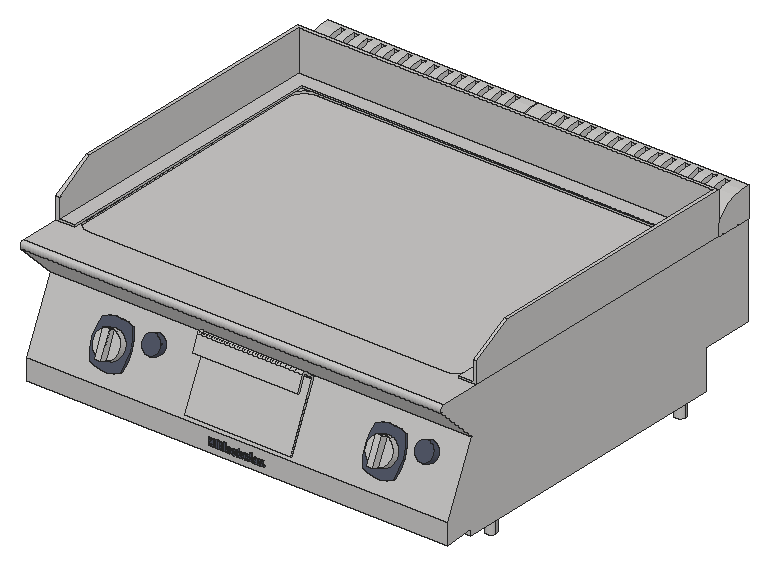
Revit family "QF_ELECTROLUXPROFESSIONAL_371041_E7FTGHCP00", category Specialty Equipment, Revit 2018
Family settings
  Round Connector Dimension = Use Diameter
  Part Type = Normal
  Work Plane-Based = No
  Always vertical = Yes
  Cut with Voids When Loaded = No
  Shared = No
  Room Calculation Point = No
Parameters
  Width = 800.1 mm  # constant formula
  Weight in Pounds = 154  # constant formula
  Watts = 0 W
  URL Cutsheet = "www.electrolux.com/foodservice"
  URL = "www.electrolux.com/foodservice"
  Type Mark [instance] = ""
  Status [instance] = ""
  Specification by User [instance] = ""
  Specification by Manufacturer = ""
  Show Logo [instance] = yes
  Show Clearance [instance] = yes
  Serial Number = ""
  Seismic Rating = ""
  SMACNA No = ""
  Revision Code [instance] = ""
  Omniclass Number and Title = ""
  NAFEM Spec ID Number = ""
  Model = "371041"
  Mechanical Remarks = ""
  Mechanical Connection Type = ""
  Masterspec = ""
  Manufacturer = "ELECTROLUX"
  Item Number [instance] = ""
  Installed By [instance] = ""
  Identify Quantity as Lot [instance] = yes
  Height = 355 mm  # constant formula
  HP = "0 HP"
  Gas Size = 12.7 mm  # 1/2"
  Gas RI Height [instance] = 0 mm
  Gas KW = 14  # constant formula
  Gas Input [instance] = 13987.1 VA  # 47726.0 Btu/h
  Gas Connection Height = 0 mm
  Furnished By [instance] = ""
  Foodservice Equipment Identifier [instance] = yes
  Direct Waste Size = 0"
  Description = "700XP Full Module Gas Fry Top, 2/3 Smooth - 1/3 Ribbed Plate, Chromium Plated"
  Depth = 730.25 mm  # constant formula
  CSI MasterFormat = ""
  CSI Master Format = ""
  Base Height [instance] = 23.813 mm  # constant formula
  Assembly Code = ""
Reference planes
  plane 1 "BACK": y = 0
  plane 2: z = 0
  plane 3 "LEFT": x = 0
  plane 4 "RIGHT": x = 800.1
  plane 5 "FRONT": y = -730.25
  plane 6 "TOP": z = 288.925
  plane 7 "Center Y": x = 400.05
  plane 8 "Center X": y = -365.125
  plane 9 "BASE": z = 23.813
  plane 10 "TOP A": z = 274.638
  plane 11: y = -597.884
  plane 12: y = -147.637
  plane 13: z = 355
Forms (mm)
  Extrusion 1, solid, material "QF_Finishes_Stainless Steel"
    sketch origin (0, 0, 0) x (0, 1, 0) y (0, 0, 1)
      loop
        line (0, 274.638) -> (-722.949, 274.638)
        arc (-722.949, 274.638) -> (-729.707, 270.122) -> (-728.121, 262.152) r 7.314
        line (-728.121, 262.152) -> (-657.416, 191.447) -> (-713.772, 69.003) -> (-713.772, 30.903) -> (-660.4, 36.513) -> (-660.4, 23.812) -> (-101.6, 23.812) -> (-101.6, 98.425) -> (0, 98.425) -> (0, 274.638)
    from 0 to 800.1
  Extrusion 2, void
    sketch origin (0, -2.381, 274.638) x (-1, 0, 0) y (0, -1, 0)
      loop
        arc (-60.425, 102.504) -> (-42.464, 109.943) -> (-35.025, 127.904) r 25.4
        line (-35.025, 127.904) -> (-35.025, 617.104)
        arc (-35.025, 617.104) -> (-42.464, 635.064) -> (-60.425, 642.504) r 25.4
        line (-60.425, 642.504) -> (-739.675, 642.504)
        arc (-739.675, 642.504) -> (-757.636, 635.064) -> (-765.075, 617.104) r 25.4
        line (-765.075, 617.104) -> (-765.075, 127.904)
        arc (-765.075, 127.904) -> (-757.636, 109.943) -> (-739.675, 102.504) r 25.4
        line (-739.675, 102.504) -> (-60.425, 102.504)
    from 0 to -3.2
  Extrusion 3, solid, material "QF_Finishes_Stainless Steel"
    sketch origin (0, 0, 0) x (1, 0, 0) y (0, 1, 0)
      loop
        circle (11.112, -147.638) r 9.525
      loop
        circle (11.112, -597.884) r 9.525
      loop
        circle (788.987, -147.638) r 9.525
      loop
        circle (788.987, -597.884) r 9.525
    from 0 to 23.813
  Extrusion 4, solid, material "QF_Finishes_Stainless Steel"
    sketch origin (0, -101.6, 101.6) x (0, 0, -1) y (-1, 0, 0)
      loop
        circle (43.882, -749.3) r 6.35
    from 0 to 3.175
  Extrusion 5, solid, material "QF_Finishes_Clearance", visible <- "Show Clearance", detail levels coarse
    sketch origin (0, 0, 0) x (1, 0, 0) y (0, 1, 0)
      loop
        line (0, -730.25) -> (0, 0) -> (800.1, 0) -> (800.1, -730.25) -> (950.119, -730.25) -> (950.119, 150.019) -> (-150.019, 150.019) -> (-150.019, -730.25) -> (0, -730.25)
    from 0 to 355
  Sweep 6, solid, material "QF_Finishes_Stainless Steel"
    path origin (0, -2.381, 274.638) x (-1, 0, 0) y (0, -1, 0)
      loop
        line (-765.075, 642.504) -> (-765.075, 102.504) -> (-35.025, 102.504) -> (-35.025, 642.504)
    profile origin (35.025, -374.885, 274.638) x (1, 0, 0) y (0, 0, 1)
      loop
        line (-35.025, 0) -> (0, 0) -> (0, 3.175) -> (-28.675, 3.175) -> (-28.675, 80.363) -> (-35.025, 80.362) -> (-35.025, 0)
  Extrusion 7, void
    sketch origin (0, -69.86, 274.638) x (0, 1, 0) y (0, 0, 1)
      loop
        line (-575.025, 40.481) -> (-501.995, 80.363) -> (-575.025, 80.363) -> (-575.025, 40.481)
    from 0 to 6.35
  Extrusion 8, void
    sketch origin (800.1, -644.885, 274.638) x (0, -1, 0) y (0, 0, 1)
      loop
        line (0, 40.481) -> (0, 80.362) -> (-73.03, 80.362) -> (0, 40.481)
    from 0 to 6.35
  Extrusion 9, solid, material "QF_Finishes_Stainless Steel"
    sketch origin (400.05, 175.397, 1219.2) x (0, 1, 0) y (0, 0, 1)
      loop
        line (-834.228, -1030.828) -> (-850.635, -1014.422)
        arc (-850.635, -1014.422) -> (-855.102, -1013.019) -> (-858.806, -1015.884) r 5.058
        line (-858.806, -1015.884) -> (-871.468, -1043.394) -> (-868.584, -1044.721) -> (-855.922, -1017.211)
        arc (-855.922, -1017.211) -> (-854.543, -1016.145) -> (-852.88, -1016.667) r 1.883
        line (-852.88, -1016.667) -> (-838.037, -1031.51) -> (-888.871, -1141.955) -> (-885.987, -1143.282) -> (-834.228, -1030.828)
    from 100 to -100
  Extrusion 10, solid, material "QF_Finishes_Drawer Clearance", visible <- "Show Clearance", detail levels coarse
    sketch origin (293.7, -101.6, 0) x (0, 1, 0) y (0, 0, 1)
      loop
        line (-660.751, 174.479) -> (-648.089, 201.989)
        arc (-648.089, 201.989) -> (-646.71, 203.055) -> (-645.046, 202.533) r 1.883
        line (-645.046, 202.533) -> (-630.204, 187.69) -> (-681.037, 77.245) -> (-678.153, 75.918) -> (-608.989, 75.918) -> (-557.231, 188.372) -> (-573.638, 204.778)
        arc (-573.638, 204.778) -> (-574.873, 205.685) -> (-576.323, 206.181) r 5.058
        line (-576.323, 206.181) -> (-647.269, 206.181)
        arc (-647.269, 206.181) -> (-649.472, 205.203) -> (-650.973, 203.316) r 5.058
        line (-650.973, 203.316) -> (-663.635, 175.806) -> (-660.751, 174.479)
    from 6.35 to 206.35
  Extrusion 11, solid, material "QF_Finishes_Navy Blue"
    sketch origin (-399.27, -713.772, 69.003) x (0, 0.418102, 0.9084) y (-1, 0, 0)
      loop
        arc (102.623, -510.47) -> (67.041, -502.846) -> (31.333, -509.853) r 90.5
        arc (31.333, -509.853) -> (24.507, -539.04) -> (31.333, -568.228) r 65.817
        arc (31.333, -568.228) -> (67.04, -575.188) -> (102.623, -567.615) r 91.066
        arc (102.623, -567.615) -> (109.179, -539.043) -> (102.623, -510.47) r 65.546
    from 0 to 3.175
  Extrusion 12, solid, material "QF_Finishes_Stainless Steel"
    sketch origin (-20.52, -717.485, 68.529) x (0, 0.418102, 0.9084) y (-1, 0, 0)
      loop
        circle (68.826, -160.963) r 25.4
    from 0 to 12.7
  Extrusion 13, solid, material "QF_Finishes_Stainless Steel"
    sketch origin (-20.52, -729.022, 73.839) x (0, 0.418102, 0.9084) y (-1, 0, 0)
      loop
        arc (93.558, -166.749) -> (94.226, -160.963) -> (93.558, -155.177) r 25.4
        line (93.558, -155.177) -> (44.094, -155.177)
        arc (44.094, -155.177) -> (43.426, -160.963) -> (44.094, -166.749) r 25.4
        line (44.094, -166.749) -> (93.558, -166.749)
    from 0 to 12.7
  Extrusion 14, solid, material "QF_Finishes_Navy Blue"
    sketch origin (97.744, -713.772, 69.003) x (0, 0.418102, 0.9084) y (-1, 0, 0)
      loop
        arc (102.623, -532.67) -> (67.041, -525.046) -> (31.333, -532.053) r 90.5
        arc (31.333, -532.053) -> (24.507, -561.24) -> (31.333, -590.428) r 65.817
        arc (31.333, -590.428) -> (67.04, -597.388) -> (102.623, -589.815) r 91.066
        arc (102.623, -589.815) -> (109.179, -561.243) -> (102.623, -532.67) r 65.546
    from 0 to 3.175
  Extrusion 15, solid, material "QF_Finishes_Stainless Steel"
    sketch origin (497.744, -717.485, 68.529) x (0, 0.418102, 0.9084) y (-1, 0, 0)
      loop
        circle (68.826, -160.963) r 25.4
    from 0 to 12.7
  Extrusion 16, solid, material "QF_Finishes_Stainless Steel"
    sketch origin (497.744, -729.022, 73.839) x (0, 0.418102, 0.9084) y (-1, 0, 0)
      loop
        arc (93.558, -166.749) -> (94.226, -160.963) -> (93.558, -155.177) r 25.4
        line (93.558, -155.177) -> (44.094, -155.177)
        arc (44.094, -155.177) -> (43.426, -160.963) -> (44.094, -166.749) r 25.4
        line (44.094, -166.749) -> (93.558, -166.749)
    from 0 to 12.7
  Extrusion 17, solid, material "QF_Finishes_Navy Blue"
    sketch origin (-100, -703.319, 91.713) x (0, 0.418102, 0.9084) y (-1, 0, 0)
      loop
        circle (65.471, -315.169) r 17.78
    from 0 to 12.7
  Extrusion 18, solid, material "QF_Finishes_Navy Blue"
    sketch origin (397.014, -703.319, 91.713) x (0, 0.418102, 0.9084) y (-1, 0, 0)
      loop
        circle (65.471, -337.369) r 17.78
    from 0 to 12.7
  Extrusion 19, solid, material "QF_Finishes_Navy Blue", visible <- "Show Logo"
    sketch origin (58.501, -713.772, 35.665) x (0, 0, 1) y (-1, 0, 0)
      loop
        line (20.674, -296.698) -> (8.307, -296.698)
        arc (8.307, -296.698) -> (14.491, -301.27) -> (20.674, -296.698) r 6.467
      loop
        arc (20.674, -296.069) -> (19.505, -290.926) -> (14.849, -288.448) r 6.338
        line (14.849, -288.448) -> (14.849, -290.494)
        arc (14.849, -290.494) -> (16.333, -294.149) -> (19.778, -296.069) r 5.941
        line (19.778, -296.069) -> (20.674, -296.069)
      loop
        arc (9.203, -296.069) -> (12.648, -294.149) -> (14.132, -290.494) r 5.941
        line (14.132, -290.494) -> (14.132, -288.448)
        arc (14.132, -288.448) -> (9.438, -290.922) -> (8.148, -296.069) r 6.504
        line (8.148, -296.069) -> (9.203, -296.069)
      loop
        line (21.349, -287.979) -> (7.604, -287.979) -> (7.604, -301.742) -> (21.349, -301.742) -> (21.349, -287.979)
      loop
        arc (21.432, -304.71) -> (21.085, -304.352) -> (20.718, -304.69) r 0.358
        arc (20.718, -304.69) -> (20.404, -305.44) -> (19.687, -305.825) r 1.216
        line (19.687, -305.825) -> (9.274, -305.825)
        arc (9.274, -305.825) -> (8.614, -305.548) -> (8.218, -304.951) r 1.238
        arc (8.218, -304.951) -> (7.823, -304.7) -> (7.518, -305.054) r 0.358
        line (7.518, -305.054) -> (7.518, -314.933) -> (10.269, -314.933) -> (10.269, -314.036)
        arc (10.269, -314.036) -> (9.36, -313.456) -> (8.904, -312.479) r 1.928
        line (8.904, -312.479) -> (8.904, -309.98)
        arc (8.904, -309.98) -> (9.18, -309.251) -> (9.868, -308.887) r 1.101
        line (9.868, -308.887) -> (13.955, -308.887) -> (13.955, -312.561)
        arc (13.955, -312.561) -> (13.602, -313.058) -> (13.037, -313.286) r 1.083
        arc (13.037, -313.286) -> (12.773, -313.591) -> (13.065, -313.869) r 0.292
        line (13.065, -313.869) -> (16.028, -313.869)
        arc (16.028, -313.869) -> (16.33, -313.596) -> (16.092, -313.266) r 0.305
        arc (16.092, -313.266) -> (15.601, -313.018) -> (15.296, -312.561) r 1.083
        line (15.296, -312.561) -> (15.296, -308.887) -> (19.973, -308.887) -> (19.973, -312.635)
        arc (19.973, -312.635) -> (19.759, -313.39) -> (19.153, -313.888) r 1.314
        arc (19.153, -313.888) -> (18.934, -314.292) -> (19.288, -314.585) r 0.361
        line (19.288, -314.585) -> (21.432, -314.585) -> (21.432, -304.71)
      loop
        arc (20.715, -315.365) -> (20.335, -316.284) -> (19.416, -316.664) r 1.299
        line (19.416, -316.664) -> (9.837, -316.664)
        arc (9.837, -316.664) -> (8.999, -316.286) -> (8.728, -315.408) r 1.118
        line (8.728, -315.408) -> (7.518, -315.408) -> (7.518, -320.758) -> (8.706, -320.758)
        arc (8.706, -320.758) -> (8.978, -319.841) -> (9.848, -319.445) r 1.153
        line (9.848, -319.445) -> (21.92, -319.445) -> (20.715, -315.365)
      loop
        line (12.483, -323.394) -> (12.483, -329.842) -> (13.282, -329.842)
        arc (13.282, -329.842) -> (15.862, -328.857) -> (17.131, -326.404) r 3.874
        line (17.131, -326.404) -> (17.131, -324.643)
        arc (17.131, -324.643) -> (15.944, -321.778) -> (13.08, -320.592) r 4.051
        line (13.08, -320.592) -> (11.072, -320.592)
        arc (11.072, -320.592) -> (8.253, -322.077) -> (7.202, -325.084) r 4.352
        arc (7.202, -325.084) -> (7.566, -327.547) -> (8.943, -329.621) r 5.713
        line (8.943, -329.621) -> (9.892, -329.621)
        arc (9.892, -329.621) -> (9.16, -328.052) -> (8.943, -326.334) r 5.579
        arc (8.943, -326.334) -> (9.737, -324.371) -> (11.616, -323.394) r 3.057
        line (11.616, -323.394) -> (12.483, -323.394)
      loop
        line (13.742, -323.394) -> (13.742, -326.977)
        arc (13.742, -326.977) -> (15.199, -327.024) -> (16.082, -325.864) r 1.59
        line (16.082, -325.864) -> (16.082, -325.034)
        arc (16.082, -325.034) -> (15.217, -323.779) -> (13.742, -323.394) r 2.184
      loop
        arc (16.533, -339.259) -> (17.022, -337.585) -> (17.179, -335.848) r 9.023
        line (17.179, -335.848) -> (17.179, -334.486)
        arc (17.179, -334.486) -> (16.02, -331.686) -> (13.22, -330.527) r 3.959
        line (13.22, -330.527) -> (10.62, -330.527)
        arc (10.62, -330.527) -> (8.338, -331.819) -> (7.221, -334.192) r 4.331
        line (7.221, -334.192) -> (7.221, -336.327)
        arc (7.221, -336.327) -> (7.729, -337.877) -> (8.651, -339.223) r 5.772
        arc (8.651, -339.223) -> (9.412, -339.274) -> (9.499, -338.515) r 0.553
        arc (9.499, -338.515) -> (9.111, -337.781) -> (8.977, -336.962) r 2.573
        line (8.977, -336.962) -> (8.977, -335.447)
        arc (8.977, -335.447) -> (9.983, -333.806) -> (11.798, -333.163) r 2.884
        line (11.798, -333.163) -> (13.077, -333.163)
        arc (13.077, -333.163) -> (14.898, -333.723) -> (15.824, -335.388) r 2.554
        line (15.824, -335.388) -> (15.824, -336.441)
        arc (15.824, -336.441) -> (15.493, -337.369) -> (14.836, -338.104) r 2.564
        arc (14.836, -338.104) -> (14.614, -338.821) -> (15.223, -339.259) r 0.643
        line (15.223, -339.259) -> (16.533, -339.259)
      loop
        line (15.515, -339.53) -> (15.515, -341.031) -> (9.467, -341.031)
        arc (9.467, -341.031) -> (7.879, -341.688) -> (7.221, -343.276) r 2.246
        line (7.221, -343.276) -> (7.221, -344.86)
        arc (7.221, -344.86) -> (7.535, -345.725) -> (8.035, -346.496) r 4.06
        arc (8.035, -346.496) -> (8.768, -346.629) -> (9.019, -345.928) r 0.576
        arc (9.019, -345.928) -> (8.913, -345.403) -> (8.977, -344.87) r 1.69
        arc (8.977, -344.87) -> (9.519, -344.082) -> (10.425, -343.779) r 1.506
        line (10.425, -343.779) -> (15.563, -343.779) -> (15.563, -346.176) -> (16.119, -346.733) -> (16.941, -346.733) -> (16.941, -343.873) -> (20.172, -343.873) -> (15.515, -339.53)
      loop
        line (7.438, -347.63) -> (7.438, -353.017) -> (8.548, -353.017)
        arc (8.548, -353.017) -> (8.942, -352.066) -> (9.893, -351.672) r 1.345
        line (9.893, -351.672) -> (13.509, -351.672)
        arc (13.509, -351.672) -> (14.274, -352.264) -> (14.564, -353.186) r 1.615
        line (14.564, -353.186) -> (14.564, -354.742) -> (17.119, -355.427) -> (17.119, -354.044) -> (15.177, -351.485) -> (17.057, -351.485) -> (16.773, -348.779)
        arc (16.773, -348.779) -> (16.333, -348.249) -> (15.674, -348.45) r 0.621
        arc (15.674, -348.45) -> (15.274, -348.792) -> (14.78, -348.975) r 1.501
        line (14.78, -348.975) -> (9.893, -348.975)
        arc (9.893, -348.975) -> (8.942, -348.581) -> (8.548, -347.63) r 1.345
        line (8.548, -347.63) -> (7.438, -347.63)
      loop
        line (13.54, -354.964) -> (10.848, -354.964)
        arc (10.848, -354.964) -> (8.403, -356.272) -> (7.269, -358.803) r 4.288
        arc (7.269, -358.803) -> (7.205, -360.183) -> (7.269, -361.563) r 15.022
        arc (7.269, -361.563) -> (8.403, -364.094) -> (10.848, -365.401) r 4.288
        line (10.848, -365.401) -> (13.54, -365.401)
        arc (13.54, -365.401) -> (15.986, -364.094) -> (17.119, -361.563) r 4.288
        arc (17.119, -361.563) -> (17.183, -360.183) -> (17.119, -358.803) r 15.022
        arc (17.119, -358.803) -> (15.986, -356.272) -> (13.54, -354.964) r 4.288
      loop
        line (13.745, -358.078) -> (10.643, -358.078)
        arc (10.643, -358.078) -> (8.486, -360.235) -> (10.643, -362.392) r 2.157
        line (10.643, -362.392) -> (13.745, -362.392)
        arc (13.745, -362.392) -> (15.902, -360.235) -> (13.745, -358.078) r 2.157
      loop
        arc (20.726, -365.26) -> (20.355, -366.154) -> (19.461, -366.524) r 1.264
        line (19.461, -366.524) -> (9.597, -366.524)
        arc (9.597, -366.524) -> (8.727, -366.127) -> (8.455, -365.211) r 1.153
        line (8.455, -365.211) -> (7.518, -365.211) -> (7.518, -370.319) -> (8.446, -370.319)
        arc (8.446, -370.319) -> (8.805, -369.547) -> (9.597, -369.232) r 1.153
        line (9.597, -369.232) -> (21.92, -369.232) -> (20.726, -365.26)
      loop
        arc (15.846, -369.857) -> (15.647, -370.921) -> (14.678, -371.403) r 1.215
        line (14.678, -371.403) -> (9.658, -371.403)
        arc (9.658, -371.403) -> (8.043, -372.051) -> (7.322, -373.634) r 2.338
        line (7.322, -373.634) -> (7.322, -375.148)
        arc (7.322, -375.148) -> (7.497, -376.152) -> (7.999, -377.038) r 2.979
        line (7.999, -377.038) -> (7.518, -378.835) -> (7.518, -380.524) -> (16.943, -380.524) -> (16.649, -376.32) -> (15.863, -376.32)
        arc (15.863, -376.32) -> (15.507, -377.156) -> (14.755, -377.665) r 1.605
        line (14.755, -377.665) -> (9.652, -377.665)
        arc (9.652, -377.665) -> (9.232, -376.728) -> (9.159, -375.704) r 2.94
        arc (9.159, -375.704) -> (9.72, -374.603) -> (10.873, -374.16) r 1.724
        line (10.873, -374.16) -> (17.07, -374.16) -> (15.846, -369.857)
      loop
        line (16.874, -381.377) -> (15.202, -383.423) -> (12.028, -385.729) -> (8.572, -382.617)
        arc (8.572, -382.617) -> (8.335, -382.223) -> (8.357, -381.764) r 0.789
        line (8.357, -381.764) -> (7.518, -381.764) -> (7.518, -385.309) -> (8.344, -385.309)
        arc (8.344, -385.309) -> (8.686, -384.947) -> (9.176, -385.039) r 0.52
        line (9.176, -385.039) -> (10.976, -386.51) -> (8.858, -387.886)
        arc (8.858, -387.886) -> (8.457, -387.576) -> (8.37, -387.076) r 0.7
        line (8.37, -387.076) -> (7.518, -387.076) -> (7.518, -393.003) -> (8.405, -393.003)
        arc (8.405, -393.003) -> (8.472, -392.344) -> (8.866, -391.813) r 1.247
        line (8.866, -391.813) -> (13.066, -388.532) -> (15.513, -390.585) -> (16.874, -392.327) -> (16.874, -388.604) -> (15.389, -389.026) -> (13.868, -387.749) -> (15.568, -386.559) -> (16.874, -387.336) -> (16.874, -381.377)
    from 0 to 1.644
  Extrusion 20, solid, material "QF_Finishes_Stainless Steel"
    sketch origin (0, 0, 0) x (0, 1, 0) y (0, 0, 1)
      loop
        line (0, 274.638) -> (0, 331.738)
        arc (0, 331.738) -> (-38.857, 324.552) -> (-69.85, 300.038) r 82.056
        line (-69.85, 300.038) -> (-69.85, 274.638) -> (0, 274.638)
    from 0 to 400.05
  Extrusion 21, void
    sketch origin (0, 0, 274.638) x (0, -1, 0) y (1, 0, 0)
      loop
        line (6.761, 29.703) -> (63.911, 29.703) -> (63.911, 38.999) -> (6.761, 38.999) -> (6.761, 29.703)
      loop
        line (63.911, 64.487) -> (6.761, 64.487) -> (6.761, 55.191) -> (63.911, 55.191) -> (63.911, 64.487)
      loop
        line (63.911, 89.975) -> (6.761, 89.975) -> (6.761, 80.68) -> (63.911, 80.68) -> (63.911, 89.975)
      loop
        line (63.911, 115.464) -> (6.761, 115.464) -> (6.761, 106.168) -> (63.911, 106.168) -> (63.911, 115.464)
      loop
        line (63.911, 140.952) -> (6.761, 140.952) -> (6.761, 131.656) -> (63.911, 131.656) -> (63.911, 140.952)
      loop
        line (63.911, 166.44) -> (6.761, 166.44) -> (6.761, 157.145) -> (63.911, 157.145) -> (63.911, 166.44)
      loop
        line (63.911, 191.929) -> (6.761, 191.929) -> (6.761, 182.633) -> (63.911, 182.633) -> (63.911, 191.929)
      loop
        line (63.911, 217.417) -> (6.761, 217.417) -> (6.761, 208.121) -> (63.911, 208.121) -> (63.911, 217.417)
      loop
        line (63.911, 242.905) -> (6.761, 242.905) -> (6.761, 233.61) -> (63.911, 233.61) -> (63.911, 242.905)
      loop
        line (63.911, 268.394) -> (6.761, 268.394) -> (6.761, 259.098) -> (63.911, 259.098) -> (63.911, 268.394)
      loop
        line (63.911, 293.882) -> (6.761, 293.882) -> (6.761, 284.586) -> (63.911, 284.586) -> (63.911, 293.882)
      loop
        line (63.911, 319.37) -> (6.761, 319.37) -> (6.761, 310.075) -> (63.911, 310.075) -> (63.911, 319.37)
      loop
        line (63.911, 344.859) -> (6.761, 344.859) -> (6.761, 335.563) -> (63.911, 335.563) -> (63.911, 344.859)
      loop
        line (63.911, 370.347) -> (6.761, 370.347) -> (6.761, 361.051) -> (63.911, 361.051) -> (63.911, 370.347)
    from 25.4 to 63.5
  Extrusion 22, solid, material "QF_Finishes_Stainless Steel"
    sketch origin (400.05, 0, 0) x (0, 1, 0) y (0, 0, 1)
      loop
        line (0, 274.638) -> (0, 331.738)
        arc (0, 331.738) -> (-38.857, 324.552) -> (-69.85, 300.038) r 82.056
        line (-69.85, 300.038) -> (-69.85, 274.638) -> (0, 274.638)
    from 0 to 400.05
  Extrusion 23, void
    sketch origin (400.05, 0, 274.638) x (0, -1, 0) y (1, 0, 0)
      loop
        line (6.761, 29.703) -> (63.911, 29.703) -> (63.911, 38.999) -> (6.761, 38.999) -> (6.761, 29.703)
      loop
        line (63.911, 64.487) -> (6.761, 64.487) -> (6.761, 55.191) -> (63.911, 55.191) -> (63.911, 64.487)
      loop
        line (63.911, 89.975) -> (6.761, 89.975) -> (6.761, 80.68) -> (63.911, 80.68) -> (63.911, 89.975)
      loop
        line (63.911, 115.464) -> (6.761, 115.464) -> (6.761, 106.168) -> (63.911, 106.168) -> (63.911, 115.464)
      loop
        line (63.911, 140.952) -> (6.761, 140.952) -> (6.761, 131.656) -> (63.911, 131.656) -> (63.911, 140.952)
      loop
        line (63.911, 166.44) -> (6.761, 166.44) -> (6.761, 157.145) -> (63.911, 157.145) -> (63.911, 166.44)
      loop
        line (63.911, 191.929) -> (6.761, 191.929) -> (6.761, 182.633) -> (63.911, 182.633) -> (63.911, 191.929)
      loop
        line (63.911, 217.417) -> (6.761, 217.417) -> (6.761, 208.121) -> (63.911, 208.121) -> (63.911, 217.417)
      loop
        line (63.911, 242.905) -> (6.761, 242.905) -> (6.761, 233.61) -> (63.911, 233.61) -> (63.911, 242.905)
      loop
        line (63.911, 268.394) -> (6.761, 268.394) -> (6.761, 259.098) -> (63.911, 259.098) -> (63.911, 268.394)
      loop
        line (63.911, 293.882) -> (6.761, 293.882) -> (6.761, 284.586) -> (63.911, 284.586) -> (63.911, 293.882)
      loop
        line (63.911, 319.37) -> (6.761, 319.37) -> (6.761, 310.075) -> (63.911, 310.075) -> (63.911, 319.37)
      loop
        line (63.911, 344.859) -> (6.761, 344.859) -> (6.761, 335.563) -> (63.911, 335.563) -> (63.911, 344.859)
      loop
        line (63.911, 370.347) -> (6.761, 370.347) -> (6.761, 361.051) -> (63.911, 361.051) -> (63.911, 370.347)
    from 25.4 to 63.5
Cuts and joins
  Extrusion 2 cuts Extrusion 1
  Extrusion 7, Extrusion 8 cuts Sweep 6
  Extrusion 21 cuts Extrusion 20
  Extrusion 23 cuts Extrusion 22
Lines and regions (mm)
  symbolic lines, style "QF-Clearances", visible <- "Show Clearance", detail levels coarse
    curve 1: line (-150.019, 150.019, 274.638) -> (-150.019, -730.25, 274.638)
    curve 2: line (950.119, 150.019, 274.638) -> (-150.019, 150.019, 274.638)
    curve 3: line (950.119, -730.25, 274.638) -> (950.119, 150.019, 274.638)
  symbolic lines
    curve 4: line (0, -730.25, 274.638) -> (0, 0, 274.638)
    curve 5: line (800.1, 0, 274.638) -> (800.1, -730.25, 274.638)
    curve 6: line (35.025, -104.885, 274.638) -> (35.025, -644.885, 274.638)
    curve 7: arc (35.025, -619.485, 274.638) -> (42.464, -637.445, 274.638) -> (60.425, -644.885, 274.638) r 25.4
    curve 8: line (0, -644.885, 274.638) -> (35.025, -644.885, 274.638)
    curve 9: arc (739.675, -644.885, 274.638) -> (757.636, -637.445, 274.638) -> (765.075, -619.485, 274.638) r 25.4
    curve 10: line (765.075, -644.885, 274.638) -> (765.075, -104.885, 274.638)
    curve 11: line (765.075, -104.885, 274.638) -> (35.025, -104.885, 274.638)
    curve 12: line (0, -69.85, 274.638) -> (800.1, -69.85, 274.638)
    curve 13: line (800.1, -730.25, 274.638) -> (0, -730.25, 274.638)
    curve 14: arc (60.425, -104.885, 274.638) -> (42.464, -112.324, 274.638) -> (35.025, -130.285, 274.638) r 25.4
    curve 15: arc (739.675, -104.885, 274.638) -> (757.636, -112.324, 274.638) -> (765.075, -130.285, 274.638) r 25.4
    curve 16: line (6.35, -76.21, 274.638) -> (6.35, -644.885, 274.638)
    curve 17: line (6.35, -76.21, 274.638) -> (793.75, -76.21, 274.638)
    curve 18: line (793.75, -76.21, 274.638) -> (793.75, -644.885, 274.638)
    curve 19: line (765.075, -644.885, 274.638) -> (800.1, -644.885, 274.638)
    curve 20: line (60.425, -644.885, 274.638) -> (739.675, -644.885, 274.638)
    curve 24: line (0, 0, 274.638) -> (800.1, 0, 274.638)
    curve 25: line (0, -69.85, 274.638) -> (800.1, -69.85, 274.638)
    curve 26: line (0, 0, 274.638) -> (800.1, 0, 274.638)
    curve 27: line (29.703, -6.761, 0) -> (38.999, -6.761, 0)
    curve 28: line (29.703, -63.911, 0) -> (29.703, -6.761, 0)
    curve 29: line (38.999, -63.911, 0) -> (29.703, -63.911, 0)
    curve 30: line (38.999, -6.761, 0) -> (38.999, -63.911, 0)
    curve 31: line (55.191, -6.761, 0) -> (64.487, -6.761, 0)
    curve 32: line (55.191, -63.911, 0) -> (55.191, -6.761, 0)
    curve 33: line (64.487, -63.911, 0) -> (55.191, -63.911, 0)
    curve 34: line (64.487, -6.761, 0) -> (64.487, -63.911, 0)
    curve 35: line (80.68, -6.761, 0) -> (89.975, -6.761, 0)
    curve 36: line (80.68, -63.911, 0) -> (80.68, -6.761, 0)
    curve 37: line (89.975, -63.911, 0) -> (80.68, -63.911, 0)
    curve 38: line (89.975, -6.761, 0) -> (89.975, -63.911, 0)
    curve 39: line (106.168, -6.761, 0) -> (115.464, -6.761, 0)
    curve 40: line (106.168, -63.911, 0) -> (106.168, -6.761, 0)
    curve 41: line (115.464, -63.911, 0) -> (106.168, -63.911, 0)
    curve 42: line (115.464, -6.761, 0) -> (115.464, -63.911, 0)
    curve 43: line (131.656, -6.761, 0) -> (140.952, -6.761, 0)
    curve 44: line (131.656, -63.911, 0) -> (131.656, -6.761, 0)
    curve 45: line (140.952, -63.911, 0) -> (131.656, -63.911, 0)
    curve 46: line (140.952, -6.761, 0) -> (140.952, -63.911, 0)
    curve 47: line (157.145, -6.761, 0) -> (166.44, -6.761, 0)
    curve 48: line (157.145, -63.911, 0) -> (157.145, -6.761, 0)
    curve 49: line (166.44, -63.911, 0) -> (157.145, -63.911, 0)
    curve 50: line (166.44, -6.761, 0) -> (166.44, -63.911, 0)
    curve 51: line (182.633, -6.761, 0) -> (191.929, -6.761, 0)
    curve 52: line (182.633, -63.911, 0) -> (182.633, -6.761, 0)
    curve 53: line (191.929, -63.911, 0) -> (182.633, -63.911, 0)
    curve 54: line (191.929, -6.761, 0) -> (191.929, -63.911, 0)
    curve 55: line (208.121, -6.761, 0) -> (217.417, -6.761, 0)
    curve 56: line (208.121, -63.911, 0) -> (208.121, -6.761, 0)
    curve 57: line (217.417, -63.911, 0) -> (208.121, -63.911, 0)
    curve 58: line (217.417, -6.761, 0) -> (217.417, -63.911, 0)
    curve 59: line (233.61, -6.761, 0) -> (242.905, -6.761, 0)
    curve 60: line (233.61, -63.911, 0) -> (233.61, -6.761, 0)
    curve 61: line (242.905, -63.911, 0) -> (233.61, -63.911, 0)
    curve 62: line (242.905, -6.761, 0) -> (242.905, -63.911, 0)
    curve 63: line (259.098, -6.761, 0) -> (268.394, -6.761, 0)
    curve 64: line (259.098, -63.911, 0) -> (259.098, -6.761, 0)
    curve 65: line (268.394, -63.911, 0) -> (259.098, -63.911, 0)
    curve 66: line (268.394, -6.761, 0) -> (268.394, -63.911, 0)
    curve 67: line (284.586, -6.761, 0) -> (293.882, -6.761, 0)
    curve 68: line (284.586, -63.911, 0) -> (284.586, -6.761, 0)
    curve 69: line (293.882, -63.911, 0) -> (284.586, -63.911, 0)
    curve 70: line (293.882, -6.761, 0) -> (293.882, -63.911, 0)
    curve 71: line (310.075, -6.761, 0) -> (319.37, -6.761, 0)
    curve 72: line (310.075, -63.911, 0) -> (310.075, -6.761, 0)
    curve 73: line (319.37, -63.911, 0) -> (310.075, -63.911, 0)
    curve 74: line (319.37, -6.761, 0) -> (319.37, -63.911, 0)
    curve 75: line (335.563, -6.761, 0) -> (344.859, -6.761, 0)
    curve 76: line (335.563, -63.911, 0) -> (335.563, -6.761, 0)
    curve 77: line (344.859, -63.911, 0) -> (335.563, -63.911, 0)
    curve 78: line (344.859, -6.761, 0) -> (344.859, -63.911, 0)
    curve 79: line (361.051, -6.761, 0) -> (370.347, -6.761, 0)
    curve 80: line (361.051, -63.911, 0) -> (361.051, -6.761, 0)
    curve 81: line (370.347, -63.911, 0) -> (361.051, -63.911, 0)
    curve 82: line (370.347, -6.761, 0) -> (370.347, -63.911, 0)
    curve 83: line (400.05, 0, 0) -> (400.05, -69.85, 0)
    curve 84: line (770.397, -6.761, 0) -> (761.101, -6.761, 0)
    curve 85: line (770.397, -63.911, 0) -> (770.397, -6.761, 0)
    curve 86: line (761.101, -63.911, 0) -> (770.397, -63.911, 0)
    curve 87: line (761.101, -6.761, 0) -> (761.101, -63.911, 0)
    curve 88: line (744.909, -6.761, 0) -> (735.613, -6.761, 0)
    curve 89: line (744.909, -63.911, 0) -> (744.909, -6.761, 0)
    curve 90: line (735.613, -63.911, 0) -> (744.909, -63.911, 0)
    curve 91: line (735.613, -6.761, 0) -> (735.613, -63.911, 0)
    curve 92: line (719.42, -6.761, 0) -> (710.125, -6.761, 0)
    curve 93: line (719.42, -63.911, 0) -> (719.42, -6.761, 0)
    curve 94: line (710.125, -63.911, 0) -> (719.42, -63.911, 0)
    curve 95: line (710.125, -6.761, 0) -> (710.125, -63.911, 0)
    curve 96: line (693.932, -6.761, 0) -> (684.636, -6.761, 0)
    curve 97: line (693.932, -63.911, 0) -> (693.932, -6.761, 0)
    curve 98: line (684.636, -63.911, 0) -> (693.932, -63.911, 0)
    curve 99: line (684.636, -6.761, 0) -> (684.636, -63.911, 0)
    curve 100: line (668.444, -6.761, 0) -> (659.148, -6.761, 0)
    curve 101: line (668.444, -63.911, 0) -> (668.444, -6.761, 0)
    curve 102: line (659.148, -63.911, 0) -> (668.444, -63.911, 0)
    curve 103: line (659.148, -6.761, 0) -> (659.148, -63.911, 0)
    curve 104: line (642.955, -6.761, 0) -> (633.66, -6.761, 0)
    curve 105: line (642.955, -63.911, 0) -> (642.955, -6.761, 0)
    curve 106: line (633.66, -63.911, 0) -> (642.955, -63.911, 0)
    curve 107: line (633.66, -6.761, 0) -> (633.66, -63.911, 0)
    curve 108: line (617.467, -6.761, 0) -> (608.171, -6.761, 0)
    curve 109: line (617.467, -63.911, 0) -> (617.467, -6.761, 0)
    curve 110: line (608.171, -63.911, 0) -> (617.467, -63.911, 0)
    curve 111: line (608.171, -6.761, 0) -> (608.171, -63.911, 0)
    curve 112: line (591.979, -6.761, 0) -> (582.683, -6.761, 0)
    curve 113: line (591.979, -63.911, 0) -> (591.979, -6.761, 0)
    curve 114: line (582.683, -63.911, 0) -> (591.979, -63.911, 0)
    curve 115: line (582.683, -6.761, 0) -> (582.683, -63.911, 0)
    curve 116: line (566.49, -6.761, 0) -> (557.195, -6.761, 0)
    curve 117: line (566.49, -63.911, 0) -> (566.49, -6.761, 0)
    curve 118: line (557.195, -63.911, 0) -> (566.49, -63.911, 0)
    curve 119: line (557.195, -6.761, 0) -> (557.195, -63.911, 0)
    curve 120: line (541.002, -6.761, 0) -> (531.706, -6.761, 0)
    curve 121: line (541.002, -63.911, 0) -> (541.002, -6.761, 0)
    curve 122: line (531.706, -63.911, 0) -> (541.002, -63.911, 0)
    curve 123: line (531.706, -6.761, 0) -> (531.706, -63.911, 0)
    curve 124: line (515.514, -6.761, 0) -> (506.218, -6.761, 0)
    curve 125: line (515.514, -63.911, 0) -> (515.514, -6.761, 0)
    curve 126: line (506.218, -63.911, 0) -> (515.514, -63.911, 0)
    curve 127: line (506.218, -6.761, 0) -> (506.218, -63.911, 0)
    curve 128: line (490.025, -6.761, 0) -> (480.73, -6.761, 0)
    curve 129: line (490.025, -63.911, 0) -> (490.025, -6.761, 0)
    curve 130: line (480.73, -63.911, 0) -> (490.025, -63.911, 0)
    curve 131: line (480.73, -6.761, 0) -> (480.73, -63.911, 0)
    curve 132: line (464.537, -6.761, 0) -> (455.241, -6.761, 0)
    curve 133: line (464.537, -63.911, 0) -> (464.537, -6.761, 0)
    curve 134: line (455.241, -63.911, 0) -> (464.537, -63.911, 0)
    curve 135: line (455.241, -6.761, 0) -> (455.241, -63.911, 0)
    curve 136: line (439.049, -6.761, 0) -> (429.753, -6.761, 0)
    curve 137: line (439.049, -63.911, 0) -> (439.049, -6.761, 0)
    curve 138: line (429.753, -63.911, 0) -> (439.049, -63.911, 0)
    curve 139: line (429.753, -6.761, 0) -> (429.753, -63.911, 0)
  symbolic lines, style "QF_Drawer Clearance"
    curve 21: line (500.05, -782.637, 0) -> (300.05, -782.637, 0)
    curve 22: line (500.05, -730.25, 0) -> (500.05, -782.637, 0)
    curve 23: line (300.05, -782.637, 0) -> (300.05, -730.25, 0)
Dimensions and locks
  equal spacing: plane 3 "LEFT", plane 7 "Center Y", plane 4 "RIGHT"
  "Width": plane 3 "LEFT" to plane 4 "RIGHT"
  equal spacing: plane 5 "FRONT", plane 8 "Center X", plane 1 "BACK"
  "Depth": plane 5 "FRONT" to plane 1 "BACK"
  plane 1 "BACK" to plane 5 "FRONT" = 730.25 mm
  "Base Height": plane 9 "BASE" to level
  locked: plane 10 "TOP A" to plane 9 "BASE" at 250.825
  plane 4 "RIGHT" to Extrusion 4 sketch curve = 50.8 mm
  Sweep 6 sketch curve to level = 355 mm
  plane 10 "TOP A" to plane 9 "BASE" = 250.825 mm
  plane 9 "BASE" to level = 23.813 mm
  plane 9 "BASE" to cut or joined group of Extrusion 1, Extrusion 2 = 74.612 mm
  "Height": plane 13 to level
  aligned and locked: level to plane 2
  aligned and locked: plane 4 "RIGHT" to Extrusion 1
  aligned and locked: Extrusion 3 to plane 9 "BASE"
  aligned: plane 6 "TOP" to Extrusion 5
Automatic sketch dimensions
  Extrusion 2 sketch curve to plane 4 "RIGHT" = 35.025 mm
  Extrusion 2 sketch curve to Extrusion 2 sketch curve = 25.4 mm  (x3)
  Extrusion 2 sketch curve to plane 12 = 17.353 mm
  plane 3 "LEFT" to Extrusion 2 sketch curve = 60.425 mm  (x2)
  plane 11 to Extrusion 2 sketch curve = 21.6 mm
  plane 11 to Extrusion 3 sketch curve = 0 mm  (x2)
  plane 12 to Extrusion 3 sketch curve = 0 mm  (x2)
  plane 3 "LEFT" to Extrusion 3 sketch curve = 11.112 mm  (x2)
  Extrusion 3 sketch curve to plane 4 "RIGHT" = 11.113 mm  (x2)
  Extrusion 1 to Extrusion 4 sketch curve = 33.906 mm
  plane 1 "BACK" to Extrusion 5 sketch curve = 0 mm
  Extrusion 5 sketch curve to plane 3 "LEFT" = 0 mm
  Extrusion 5 sketch curve to plane 4 "RIGHT" = 0 mm
  Extrusion 5 sketch curve to plane 3 "LEFT" = 150.019 mm
  plane 5 "FRONT" to Extrusion 5 sketch curve = 0 mm  (x2)
  plane 4 "RIGHT" to Extrusion 5 sketch curve = 150.019 mm
  Extrusion 5 sketch curve to plane 1 "BACK" = 150.019 mm
  curve 19 to plane 4 "RIGHT" = 0 mm
  curve 13 to plane 3 "LEFT" = 0 mm
  plane 1 "BACK" to curve 4 = 0 mm
  plane 4 "RIGHT" to curve 3 = 150.019 mm
  curve 18 to plane 4 "RIGHT" = 6.35 mm
  curve 18 to curve 19 = 28.675 mm
  curve 10 to curve 15 = 25.4 mm
  curve 10 to curve 20 = 25.4 mm
  curve 20 to curve 8 = 60.425 mm
  curve 14 to plane 12 = 17.353 mm
  curve 14 to curve 14 = 25.4 mm
  curve 16 to curve 8 = 6.35 mm
  plane 5 "FRONT" to curve 1 = 0 mm
  curve 1 to plane 3 "LEFT" = 150.019 mm
  curve 2 to plane 1 "BACK" = 150.019 mm
  curve 12 to curve 17 = 6.36 mm
  plane 11 to curve 9 = 21.6 mm
  curve 9 to curve 19 = 25.4 mm
  curve 7 to curve 16 = 25.4 mm
  curve 5 to plane 5 "FRONT" = 0 mm
  plane 5 "FRONT" to curve 3 = 0 mm
  Sweep 6 sketch curve to plane 4 "RIGHT" = 35.025 mm
  plane 3 "LEFT" to Sweep 6 sketch curve = 35.025 mm
  Sweep 6 sketch curve to plane 12 = 42.753 mm
  plane 11 to Sweep 6 sketch curve = 47 mm  (x2)
  Sweep 6 sketch curve to plane 10 "TOP A" = 0 mm
  profile plane to Sweep 6 sketch curve = 0 mm
  profile plane to Sweep 6 sketch curve = 28.675 mm
  Sweep 6 sketch curve to Sweep 6 sketch curve = 6.35 mm
  plane 10 "TOP A" to Sweep 6 sketch curve = 3.175 mm
  Extrusion 7 sketch curve to Sweep 6 = 0 mm  (x2)
  Extrusion 7 sketch curve to Sweep 6 = 73.03 mm
  Extrusion 7 sketch curve to Extrusion 7 sketch curve = 39.881 mm
  Sweep 6 to Extrusion 8 sketch curve = 0 mm
  Extrusion 8 sketch curve to Sweep 6 = 0 mm
  Extrusion 8 sketch curve to Sweep 6 = 73.03 mm
  Extrusion 8 sketch curve to Extrusion 8 sketch curve = 39.881 mm
  Extrusion 9 sketch curve to Extrusion 9 sketch curve = 0 mm  (x2)
  Extrusion 9 sketch curve to plane 5 "FRONT" = 16.776 mm
  Extrusion 9 sketch curve to Extrusion 9 sketch curve = 2.884 mm  (x3)
  Extrusion 9 sketch curve to plane 5 "FRONT" = 34.179 mm
  Extrusion 9 sketch curve to Extrusion 9 sketch curve = 12.662 mm
  Extrusion 9 sketch curve to Extrusion 9 sketch curve = 1.711 mm
  Extrusion 9 sketch curve to Extrusion 9 sketch curve = 1.332 mm
  Extrusion 9 sketch curve to Extrusion 9 sketch curve = 2.245 mm
  Extrusion 9 sketch curve to Extrusion 9 sketch curve = 14.843 mm
  Extrusion 9 sketch curve to Extrusion 9 sketch curve = 3.809 mm
  plane 9 "BASE" to Extrusion 9 sketch curve = 52.105 mm
  Extrusion 9 sketch curve to Extrusion 9 sketch curve = 1.327 mm  (x2)
  Extrusion 9 sketch curve to Extrusion 9 sketch curve = 13.211 mm
  Extrusion 9 sketch curve to Extrusion 9 sketch curve = 0.787 mm
  Extrusion 10 sketch curve to Extrusion 10 sketch curve = 0 mm  (x2)
  plane 5 "FRONT" to Extrusion 10 sketch curve = 52.387 mm
  Extrusion 10 sketch curve to Extrusion 10 sketch curve = 2.884 mm  (x3)
  plane 5 "FRONT" to Extrusion 10 sketch curve = 34.985 mm
  plane 5 "FRONT" to Extrusion 10 sketch curve = 22.323 mm
  Extrusion 10 sketch curve to Extrusion 10 sketch curve = 0.82 mm
  Extrusion 10 sketch curve to Extrusion 10 sketch curve = 1.711 mm
  Extrusion 10 sketch curve to Extrusion 10 sketch curve = 1.332 mm
  plane 5 "FRONT" to Extrusion 10 sketch curve = 1.554 mm
  Extrusion 10 sketch curve to plane 5 "FRONT" = 19.661 mm
  Extrusion 10 sketch curve to plane 5 "FRONT" = 51.436 mm
  Extrusion 10 sketch curve to Extrusion 10 sketch curve = 0.891 mm
  Extrusion 10 sketch curve to Extrusion 10 sketch curve = 2.686 mm
  Extrusion 10 sketch curve to Extrusion 10 sketch curve = 16.406 mm
  plane 9 "BASE" to Extrusion 10 sketch curve = 52.105 mm
  Extrusion 10 sketch curve to Extrusion 10 sketch curve = 1.327 mm  (x2)
  Extrusion 10 sketch curve to Extrusion 10 sketch curve = 13.211 mm
  Extrusion 10 sketch curve to Extrusion 10 sketch curve = 0.681 mm
  Extrusion 10 sketch curve to Extrusion 10 sketch curve = 0.787 mm
  Extrusion 10 sketch curve to Extrusion 10 sketch curve = 4.979 mm
  plane 3 "LEFT" to Extrusion 11 sketch curve = 110.583 mm
  Extrusion 11 sketch curve to Extrusion 11 sketch curve = 0 mm
  Extrusion 11 sketch curve to Extrusion 11 sketch curve = 12.3 mm  (x3)
  Extrusion 11 sketch curve to Extrusion 11 sketch curve = 34.925 mm  (x2)
  Extrusion 11 sketch curve to Extrusion 11 sketch curve = 46.691 mm
  Extrusion 11 sketch curve to Extrusion 11 sketch curve = 0.617 mm
  Extrusion 11 sketch curve to Extrusion 11 sketch curve = 28.57 mm
  Extrusion 11 sketch curve to Extrusion 11 sketch curve = 29.185 mm
  Extrusion 13 sketch curve to Extrusion 13 sketch curve = 24.732 mm
  Extrusion 13 sketch curve to Extrusion 13 sketch curve = 0 mm
  Extrusion 14 sketch curve to plane 4 "RIGHT" = 170.304 mm
  Extrusion 14 sketch curve to Extrusion 14 sketch curve = 0 mm
  Extrusion 14 sketch curve to Extrusion 14 sketch curve = 12.3 mm  (x3)
  Extrusion 14 sketch curve to Extrusion 14 sketch curve = 34.925 mm  (x2)
  Extrusion 14 sketch curve to Extrusion 14 sketch curve = 46.691 mm
  Extrusion 14 sketch curve to Extrusion 14 sketch curve = 0.617 mm
  Extrusion 14 sketch curve to Extrusion 14 sketch curve = 28.57 mm
  Extrusion 14 sketch curve to Extrusion 14 sketch curve = 29.185 mm
  Extrusion 16 sketch curve to Extrusion 16 sketch curve = 24.732 mm
  Extrusion 16 sketch curve to Extrusion 16 sketch curve = 0 mm
  Extrusion 1 to Extrusion 17 sketch curve = 44.319 mm
  Extrusion 1 to Extrusion 17 sketch curve = 215.169 mm
  Extrusion 1 to Extrusion 18 sketch curve = 44.319 mm
  Extrusion 1 to Extrusion 18 sketch curve = 65.717 mm
  Extrusion 1 sketch curve to plane 10 "TOP A" = 0 mm
  Extrusion 1 sketch curve to plane 9 "BASE" = 0 mm
  Extrusion 1 sketch curve to plane 1 "BACK" = 0 mm
  Extrusion 1 sketch curve to plane 12 = 46.038 mm
  plane 11 to Extrusion 1 sketch curve = 59.531 mm
  plane 9 "BASE" to Extrusion 1 sketch curve = 12.7 mm
  plane 11 to Extrusion 1 sketch curve = 62.516 mm
  Extrusion 1 sketch curve to plane 5 "FRONT" = 16.478 mm
  Extrusion 1 sketch curve to plane 5 "FRONT" = 7.301 mm
  Extrusion 1 sketch curve to plane 5 "FRONT" = 2.129 mm
  plane 9 "BASE" to Extrusion 1 sketch curve = 7.09 mm
  Extrusion 1 sketch curve to Extrusion 1 sketch curve = 38.1 mm
  plane 9 "BASE" to Extrusion 1 sketch curve = 74.612 mm
  Extrusion 1 sketch curve to plane 10 "TOP A" = 83.191 mm
  Extrusion 1 sketch curve to plane 10 "TOP A" = 12.486 mm
  curve 21 to plane 7 "Center Y" = 100 mm
  plane 5 "FRONT" to curve 21 = 52.387 mm
  plane 5 "FRONT" to curve 22 = 0 mm
  plane 5 "FRONT" to curve 23 = 0 mm
  plane 7 "Center Y" to curve 22 = 100 mm
  plane 7 "Center Y" to Extrusion 19 sketch curve = 18.634 mm
  plane 9 "BASE" to Extrusion 19 sketch curve = 14.013 mm
  plane 9 "BASE" to Extrusion 19 sketch curve = 19.054 mm
  plane 7 "Center Y" to Extrusion 19 sketch curve = 3.311 mm
  Extrusion 19 sketch curve to Extrusion 19 sketch curve = 5.06 mm
  Extrusion 19 sketch curve to Extrusion 19 sketch curve = 0 mm  (x28)
  Extrusion 19 sketch curve to Extrusion 19 sketch curve = 5.108 mm  (x2)
  Extrusion 19 sketch curve to Extrusion 19 sketch curve = 0.054 mm
  Extrusion 19 sketch curve to Extrusion 19 sketch curve = 0.218 mm
  Extrusion 19 sketch curve to Extrusion 19 sketch curve = 0.195 mm
  Extrusion 19 sketch curve to Extrusion 19 sketch curve = 0.249 mm
  plane 9 "BASE" to Extrusion 19 sketch curve = 19.371 mm
  Extrusion 19 sketch curve to Extrusion 19 sketch curve = 0.087 mm
  Extrusion 19 sketch curve to Extrusion 19 sketch curve = 0.358 mm
  Extrusion 19 sketch curve to Extrusion 19 sketch curve = 0.481 mm
  Extrusion 19 sketch curve to Extrusion 19 sketch curve = 0.597 mm
  Extrusion 19 sketch curve to Extrusion 19 sketch curve = 0.544 mm
  Extrusion 19 sketch curve to Extrusion 19 sketch curve = 0.936 mm
  Extrusion 19 sketch curve to Extrusion 19 sketch curve = 0.594 mm
  Extrusion 19 sketch curve to Extrusion 19 sketch curve = 0.343 mm
  Extrusion 19 sketch curve to Extrusion 19 sketch curve = 0.159 mm
  Extrusion 19 sketch curve to Extrusion 19 sketch curve = 0.826 mm
  Extrusion 19 sketch curve to Extrusion 19 sketch curve = 0.839 mm
  Extrusion 19 sketch curve to Extrusion 19 sketch curve = 0.852 mm
  Extrusion 19 sketch curve to Extrusion 19 sketch curve = 0.887 mm
  Extrusion 19 sketch curve to Extrusion 19 sketch curve = 0.928 mm
  Extrusion 19 sketch curve to Extrusion 19 sketch curve = 0.938 mm
  Extrusion 19 sketch curve to Extrusion 19 sketch curve = 0.444 mm
  Extrusion 19 sketch curve to Extrusion 19 sketch curve = 1.11 mm  (x3)
  plane 7 "Center Y" to Extrusion 19 sketch curve = 11.468 mm
  Extrusion 19 sketch curve to Extrusion 19 sketch curve = 0.215 mm
  Extrusion 19 sketch curve to Extrusion 19 sketch curve = 1.43 mm
  Extrusion 19 sketch curve to Extrusion 19 sketch curve = 1.188 mm
  Extrusion 19 sketch curve to Extrusion 19 sketch curve = 1.21 mm  (x2)
  Extrusion 19 sketch curve to Extrusion 19 sketch curve = 0.503 mm
  Extrusion 19 sketch curve to Extrusion 19 sketch curve = 0.488 mm
  Extrusion 19 sketch curve to Extrusion 19 sketch curve = 0.462 mm
  Extrusion 19 sketch curve to Extrusion 19 sketch curve = 1.386 mm
  Extrusion 19 sketch curve to Extrusion 19 sketch curve = 1.742 mm  (x2)
  Extrusion 19 sketch curve to Extrusion 19 sketch curve = 0.821 mm
  Extrusion 19 sketch curve to Extrusion 19 sketch curve = 0.497 mm
  Extrusion 19 sketch curve to Extrusion 19 sketch curve = 0.539 mm
  Extrusion 19 sketch curve to Extrusion 19 sketch curve = 0.686 mm
  Extrusion 19 sketch curve to Extrusion 19 sketch curve = 0.408 mm
  Extrusion 19 sketch curve to Extrusion 19 sketch curve = 0.743 mm
  Extrusion 19 sketch curve to Extrusion 19 sketch curve = 1.16 mm
  Extrusion 19 sketch curve to Extrusion 19 sketch curve = 0.329 mm
  Extrusion 19 sketch curve to Extrusion 19 sketch curve = 1.054 mm
  Extrusion 19 sketch curve to Extrusion 19 sketch curve = 1.056 mm
  Extrusion 19 sketch curve to Extrusion 19 sketch curve = 0.129 mm
  Extrusion 19 sketch curve to Extrusion 19 sketch curve = 0.489 mm
  Extrusion 19 sketch curve to Extrusion 19 sketch curve = 0.441 mm
  Extrusion 19 sketch curve to Extrusion 19 sketch curve = 1.151 mm
  Extrusion 19 sketch curve to Extrusion 19 sketch curve = 1.141 mm  (x2)
  Extrusion 19 sketch curve to Extrusion 19 sketch curve = 0.768 mm
  Extrusion 19 sketch curve to Extrusion 19 sketch curve = 1.653 mm
  Extrusion 19 sketch curve to Extrusion 19 sketch curve = 0.499 mm
  Extrusion 19 sketch curve to Extrusion 19 sketch curve = 0.964 mm
  Extrusion 19 sketch curve to Extrusion 19 sketch curve = 0.949 mm
  Extrusion 19 sketch curve to Extrusion 19 sketch curve = 1.345 mm  (x2)
  Extrusion 19 sketch curve to Extrusion 19 sketch curve = 1.101 mm
  Extrusion 19 sketch curve to Extrusion 19 sketch curve = 0.432 mm
  Extrusion 19 sketch curve to Extrusion 19 sketch curve = 1.142 mm
  Extrusion 19 sketch curve to Extrusion 19 sketch curve = 0.959 mm
  Extrusion 19 sketch curve to Extrusion 19 sketch curve = 0.176 mm
  Extrusion 19 sketch curve to Extrusion 19 sketch curve = 0.728 mm
  Extrusion 19 sketch curve to Extrusion 19 sketch curve = 3.375 mm  (x2)
  Extrusion 19 sketch curve to Extrusion 19 sketch curve = 0.541 mm
  Extrusion 19 sketch curve to Extrusion 19 sketch curve = 0.955 mm
  Extrusion 19 sketch curve to Extrusion 19 sketch curve = 1.251 mm
  Extrusion 19 sketch curve to Extrusion 19 sketch curve = 0.572 mm
  Extrusion 19 sketch curve to Extrusion 19 sketch curve = 1.92 mm
  Extrusion 19 sketch curve to Extrusion 19 sketch curve = 1.224 mm
  Extrusion 19 sketch curve to Extrusion 19 sketch curve = 0.745 mm
  Extrusion 19 sketch curve to Extrusion 19 sketch curve = 2.537 mm
  Extrusion 19 sketch curve to Extrusion 19 sketch curve = 0.896 mm  (x3)
  Extrusion 19 sketch curve to Extrusion 19 sketch curve = 0.036 mm
  Extrusion 19 sketch curve to Extrusion 19 sketch curve = 2.607 mm
  Extrusion 19 sketch curve to Extrusion 19 sketch curve = 0.066 mm
  Extrusion 19 sketch curve to Extrusion 19 sketch curve = 0.248 mm
  Extrusion 19 sketch curve to Extrusion 19 sketch curve = 0.449 mm
  Extrusion 19 sketch curve to Extrusion 19 sketch curve = 1.052 mm
  Extrusion 19 sketch curve to Extrusion 19 sketch curve = 1.863 mm
  Extrusion 19 sketch curve to Extrusion 19 sketch curve = 1.31 mm  (x2)
  Extrusion 19 sketch curve to Extrusion 19 sketch curve = 0.901 mm
  Extrusion 19 sketch curve to Extrusion 19 sketch curve = 1.107 mm
  Extrusion 19 sketch curve to Extrusion 19 sketch curve = 2.122 mm
  plane 7 "Center Y" to Extrusion 19 sketch curve = 11.637 mm
  Extrusion 19 sketch curve to Extrusion 19 sketch curve = 2.101 mm
  Extrusion 19 sketch curve to Extrusion 19 sketch curve = 0.106 mm
  Extrusion 19 sketch curve to Extrusion 19 sketch curve = 0.029 mm
  Extrusion 19 sketch curve to Extrusion 19 sketch curve = 2.09 mm
  Extrusion 19 sketch curve to Extrusion 19 sketch curve = 1.279 mm
  Extrusion 19 sketch curve to Extrusion 19 sketch curve = 2.008 mm
  Extrusion 19 sketch curve to Extrusion 19 sketch curve = 0.738 mm
  Extrusion 19 sketch curve to Extrusion 19 sketch curve = 0.382 mm
  Extrusion 19 sketch curve to Extrusion 19 sketch curve = 0.384 mm
  Extrusion 19 sketch curve to Extrusion 19 sketch curve = 0.002 mm
  Extrusion 19 sketch curve to Extrusion 19 sketch curve = 0.561 mm
  Extrusion 19 sketch curve to Extrusion 19 sketch curve = 1.023 mm
  Extrusion 19 sketch curve to Extrusion 19 sketch curve = 2.692 mm
  Extrusion 19 sketch curve to Extrusion 19 sketch curve = 1.259 mm
  Extrusion 19 sketch curve to Extrusion 19 sketch curve = 0.802 mm
  Extrusion 19 sketch curve to Extrusion 19 sketch curve = 1.024 mm
  Extrusion 19 sketch curve to Extrusion 19 sketch curve = 0.682 mm
  Extrusion 19 sketch curve to Extrusion 19 sketch curve = 5.934 mm
  Extrusion 19 sketch curve to Extrusion 19 sketch curve = 2.186 mm
  Extrusion 19 sketch curve to Extrusion 19 sketch curve = 0.337 mm
  Extrusion 19 sketch curve to Extrusion 19 sketch curve = 0.021 mm
  Extrusion 19 sketch curve to Extrusion 19 sketch curve = 1.005 mm
  Extrusion 19 sketch curve to Extrusion 19 sketch curve = 0.552 mm
  Extrusion 19 sketch curve to Extrusion 19 sketch curve = 0.778 mm
  Extrusion 19 sketch curve to Extrusion 19 sketch curve = 0.063 mm
  Extrusion 19 sketch curve to Extrusion 19 sketch curve = 3.804 mm
  Extrusion 19 sketch curve to Extrusion 19 sketch curve = 0.486 mm
  Extrusion 19 sketch curve to Extrusion 19 sketch curve = 0.266 mm  (x2)
  Extrusion 19 sketch curve to Extrusion 19 sketch curve = 1.547 mm
  Extrusion 19 sketch curve to Extrusion 19 sketch curve = 0.717 mm  (x2)
  Extrusion 19 sketch curve to Extrusion 19 sketch curve = 1.667 mm
  Extrusion 19 sketch curve to Extrusion 19 sketch curve = 3.174 mm
  Extrusion 19 sketch curve to Extrusion 19 sketch curve = 0.388 mm
  Extrusion 19 sketch curve to Extrusion 19 sketch curve = 1.342 mm
  Extrusion 19 sketch curve to Extrusion 19 sketch curve = 1.521 mm
  Extrusion 19 sketch curve to Extrusion 19 sketch curve = 0.124 mm
  Extrusion 19 sketch curve to Extrusion 19 sketch curve = 0.291 mm
  plane 7 "Center Y" to Extrusion 19 sketch curve = 4.627 mm
  Extrusion 19 sketch curve to Extrusion 19 sketch curve = 1.049 mm  (x2)
  Extrusion 19 sketch curve to Extrusion 19 sketch curve = 1.7 mm
  Extrusion 19 sketch curve to Extrusion 19 sketch curve = 0.894 mm
  Extrusion 19 sketch curve to Extrusion 19 sketch curve = 0.989 mm
  Extrusion 19 sketch curve to Extrusion 19 sketch curve = 1.168 mm
  Extrusion 19 sketch curve to Extrusion 19 sketch curve = 1.594 mm
  Extrusion 19 sketch curve to Extrusion 19 sketch curve = 0.731 mm
  Extrusion 19 sketch curve to Extrusion 19 sketch curve = 1.566 mm
  Extrusion 19 sketch curve to Extrusion 19 sketch curve = 0.064 mm
  plane 7 "Center Y" to Extrusion 19 sketch curve = 5.183 mm
  Extrusion 19 sketch curve to Extrusion 19 sketch curve = 0.556 mm  (x2)
  Extrusion 19 sketch curve to Extrusion 19 sketch curve = 0.48 mm
  Extrusion 19 sketch curve to Extrusion 19 sketch curve = 0.228 mm
  Extrusion 19 sketch curve to Extrusion 19 sketch curve = 1.018 mm
  Extrusion 19 sketch curve to Extrusion 19 sketch curve = 0.787 mm
  Extrusion 19 sketch curve to Extrusion 19 sketch curve = 0.618 mm
  Extrusion 19 sketch curve to Extrusion 19 sketch curve = 1.672 mm
  Extrusion 19 sketch curve to Extrusion 19 sketch curve = 1.361 mm
  Extrusion 19 sketch curve to Extrusion 19 sketch curve = 0.822 mm
  Extrusion 19 sketch curve to Extrusion 19 sketch curve = 0.069 mm
  Extrusion 19 sketch curve to Extrusion 19 sketch curve = 1.88 mm
  Extrusion 19 sketch curve to Extrusion 19 sketch curve = 0.42 mm
  plane 7 "Center Y" to Extrusion 19 sketch curve = 12.495 mm
  Extrusion 19 sketch curve to Extrusion 19 sketch curve = 0.062 mm
  Extrusion 19 sketch curve to Extrusion 19 sketch curve = 1.355 mm
  Extrusion 19 sketch curve to Extrusion 19 sketch curve = 2.34 mm
  Extrusion 19 sketch curve to Extrusion 19 sketch curve = 0.493 mm
  Extrusion 19 sketch curve to Extrusion 19 sketch curve = 0.136 mm
  Extrusion 19 sketch curve to Extrusion 19 sketch curve = 0.128 mm
  Extrusion 19 sketch curve to Extrusion 19 sketch curve = 3.616 mm
  Extrusion 19 sketch curve to Extrusion 19 sketch curve = 4.207 mm
  Extrusion 19 sketch curve to Extrusion 19 sketch curve = 0.183 mm
  Extrusion 19 sketch curve to Extrusion 19 sketch curve = 0.895 mm
  Extrusion 19 sketch curve to Extrusion 19 sketch curve = 1.314 mm
  Extrusion 19 sketch curve to Extrusion 19 sketch curve = 3.231 mm
  Extrusion 19 sketch curve to Extrusion 19 sketch curve = 1.299 mm
  Extrusion 19 sketch curve to Extrusion 19 sketch curve = 1.214 mm
  plane 7 "Center Y" to Extrusion 19 sketch curve = 23.71 mm
  Extrusion 19 sketch curve to Extrusion 19 sketch curve = 1.264 mm
  Extrusion 19 sketch curve to Extrusion 19 sketch curve = 0.109 mm
  Extrusion 19 sketch curve to Extrusion 19 sketch curve = 0.357 mm
  Extrusion 19 sketch curve to Extrusion 19 sketch curve = 0.565 mm
  Extrusion 19 sketch curve to Extrusion 19 sketch curve = 2.504 mm
  Extrusion 19 sketch curve to Extrusion 19 sketch curve = 2.459 mm
  Extrusion 19 sketch curve to Extrusion 19 sketch curve = 2.708 mm
  Extrusion 19 sketch curve to Extrusion 19 sketch curve = 3.333 mm
  Extrusion 19 sketch curve to Extrusion 19 sketch curve = 0.332 mm
  Extrusion 19 sketch curve to Extrusion 19 sketch curve = 1.087 mm
  Extrusion 19 sketch curve to Extrusion 19 sketch curve = 2.23 mm
  Extrusion 19 sketch curve to Extrusion 19 sketch curve = 2.757 mm
  Extrusion 19 sketch curve to Extrusion 19 sketch curve = 0.987 mm
  Extrusion 19 sketch curve to Extrusion 19 sketch curve = 1.529 mm
  Extrusion 19 sketch curve to Extrusion 19 sketch curve = 1.796 mm
  Extrusion 19 sketch curve to Extrusion 19 sketch curve = 2.859 mm
  Extrusion 19 sketch curve to Extrusion 19 sketch curve = 0.853 mm
  Extrusion 19 sketch curve to Extrusion 19 sketch curve = 1.241 mm
  Extrusion 19 sketch curve to Extrusion 19 sketch curve = 2.046 mm  (x2)
  Extrusion 19 sketch curve to Extrusion 19 sketch curve = 2.422 mm
  Extrusion 19 sketch curve to Extrusion 19 sketch curve = 0.27 mm  (x2)
  Extrusion 19 sketch curve to Extrusion 19 sketch curve = 0.69 mm
  Extrusion 19 sketch curve to Extrusion 19 sketch curve = 0.781 mm  (x2)
  Extrusion 19 sketch curve to Extrusion 19 sketch curve = 3.136 mm
  Extrusion 19 sketch curve to Extrusion 19 sketch curve = 1.767 mm
  Extrusion 19 sketch curve to Extrusion 19 sketch curve = 0.138 mm
  Extrusion 19 sketch curve to Extrusion 19 sketch curve = 0.777 mm
  Extrusion 19 sketch curve to Extrusion 19 sketch curve = 1.19 mm
  Extrusion 19 sketch curve to Extrusion 19 sketch curve = 0.782 mm
  Extrusion 19 sketch curve to Extrusion 19 sketch curve = 1.268 mm
  Extrusion 19 sketch curve to Extrusion 19 sketch curve = 0.422 mm  (x2)
  Extrusion 19 sketch curve to Extrusion 19 sketch curve = 1.559 mm
  Extrusion 19 sketch curve to Extrusion 19 sketch curve = 3.927 mm
  Extrusion 19 sketch curve to Extrusion 19 sketch curve = 0.983 mm
  Extrusion 19 sketch curve to Extrusion 19 sketch curve = 1.122 mm
  Extrusion 19 sketch curve to Extrusion 19 sketch curve = 1.153 mm
  Extrusion 19 sketch curve to Extrusion 19 sketch curve = 1.223 mm
  Extrusion 19 sketch curve to Extrusion 19 sketch curve = 0.934 mm
  Extrusion 19 sketch curve to Extrusion 19 sketch curve = 1.383 mm
  Extrusion 19 sketch curve to Extrusion 19 sketch curve = 0.222 mm
  plane 7 "Center Y" to Extrusion 19 sketch curve = 9.936 mm
  Extrusion 19 sketch curve to Extrusion 19 sketch curve = 2.51 mm
  Extrusion 19 sketch curve to Extrusion 19 sketch curve = 0.131 mm
  Extrusion 19 sketch curve to Extrusion 19 sketch curve = 1.134 mm
  Extrusion 19 sketch curve to Extrusion 19 sketch curve = 0.094 mm
  Extrusion 19 sketch curve to Extrusion 19 sketch curve = 1.584 mm
  Extrusion 19 sketch curve to Extrusion 19 sketch curve = 1.501 mm
  Extrusion 19 sketch curve to Extrusion 19 sketch curve = 1.808 mm
  Extrusion 19 sketch curve to Extrusion 19 sketch curve = 0.643 mm
  Extrusion 19 sketch curve to Extrusion 19 sketch curve = 0.916 mm
